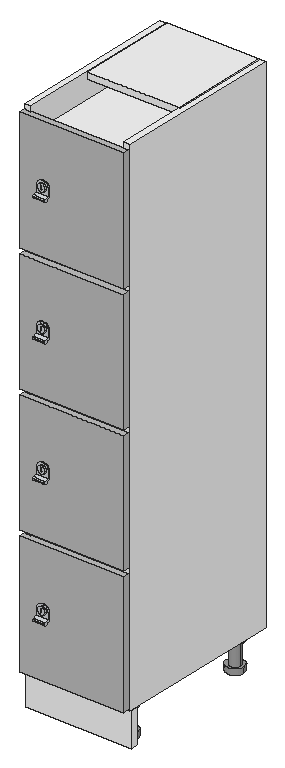
Revit family "1540H Locker Postal Slot Door", category Casework, Revit 2016
Family settings
  OmniClass Number = 23.40.35.00
  OmniClass Title = Casework
  Work Plane-Based = No
  Always vertical = Yes
  Cut with Voids When Loaded = No
  Shared = No
  Room Calculation Point = No
Parameters (values of type "LW315P4ABNP")
  WarrantyGuarantorParts = "www.bisley.com"  # constant formula
  WarrantyGuarantorLabour = "www.bisley.com"  # constant formula
  WarrantyDurationUnit = "Years"  # constant formula
  WarrantyDurationParts = "5"  # constant formula
  WarrantyDurationLabour = "5"  # constant formula
  WarrantyDescription = "5 Years Parts & Labour"  # constant formula
  Uniclass2015Version = "3.1"  # constant formula
  Uniclass2015Title = "Lockers"  # constant formula
  Uniclass2015Code = "Pr_40_30_78_48"  # constant formula
  URL = "www.bisley.com"
  SustainabilityPerformance = "FSC Approved"  # constant formula
  SerialNumber = ""
  NominalWidth = Width  # 300 mm
  NominalLength = Depth  # 500 mm
  NominalHeight = Height  # 1540 mm
  Name = "1540H Postal Slot"  # constant formula
  NBSReference = "45-35-80/380"  # constant formula
  NBSDescription = "General fittings, furnishings and equipment system"  # constant formula
  ModelReference = "LW315P4ABNP"
  Model = "Lockerwall"  # constant formula
  Material = "MFC"  # constant formula
  ManufacturerURL = "www.bisley.com"  # constant formula
  Manufacturer = "Bisley"  # constant formula
  ManufactureName = "Bisley"  # constant formula
  M3 Lock = no
  Foot [instance] = Foot 100 : Foot 100
  Finish = "Matt"  # constant formula
  E4 Lock = no
  DurationUnit = "Years"  # constant formula
  Description = "Lockers"  # constant formula
  Depth = 500 mm
  Height = 1540 mm
  Width = 300 mm
  Carcass Material = "MFC"  # constant formula
  Author = "Bisley"  # constant formula
  AssetType = "Fixed"  # constant formula
  AB Lock = yes
Types (19, lengths in mm): name | NominalWidth | ModelReference | M3 Lock | E4 Lock | Width | AB Lock
  (no name) | 300 | "LW315P4ABNP" | no | no | 300 | yes
  LW315P4ABNP | 300 | "LW315P4ABNP" | no | no | 300 | yes
  LW315P4M3NP | 300 | "LW315P4M3NP" | yes | no | 300 | no
  LW315P4E4NP | 300 | "LW315P4E4NP" | no | yes | 300 | no
  LW315P4ABUK | 300 | "LW315P4ABUK" | no | no | 300 | yes
  LW315P4E4UK | 300 | "LW315P4E4UK" | no | yes | 300 | no
  LW315P4M3UK | 300 | "LW315P4M3UK" | yes | no | 300 | no
  LW415P4ABNP | 400 | "LW415P4ABNP" | no | no | 400 | yes
  LW415P4ABUK | 400 | "LW415P4ABUK" | no | no | 400 | yes
  LW415P4E4NP | 400 | "LW415P4E4NP" | no | yes | 400 | no
  LW415P4E4UK | 400 | "LW415P4E4UK" | no | yes | 400 | no
  LW415P4M3NP | 400 | "LW415P4M3NP" | yes | no | 400 | no
  LW415P4M3UK | 400 | "LW415P4M3UK" | yes | no | 400 | no
  LW515P4ABNP | 500 | "LW515P4ABNP" | no | no | 500 | yes
  LW515P4ABUK | 500 | "LW515P4ABUK" | no | no | 500 | yes
  LW515P4E4NP | 500 | "LW515P4E4NP" | no | yes | 500 | no
  LW515P4E4UK | 500 | "LW515P4E4UK" | no | yes | 500 | no
  LW515P4M3NP | 500 | "LW515P4M3NP" | yes | no | 500 | no
  LW515P4M3UK | 500 | "LW515P4M3UK" | yes | no | 500 | no
Reference planes
  plane 1 "Back": y = 0
  plane 2: z = 0
  plane 3 "Center (Left/Right)": x = 44.7
  plane 4 "Front": y = -500
  plane 5 "Left": x = -105.3
  plane 6 "Right": x = 194.7
  plane 7 "Top": z = 1540
  plane 8 "Base": z = 98
  plane 9 "Base Left": x = -87.3
  plane 10 "Base Right": x = 176.7
  plane 11: y = -482
  plane 12: y = -10.5
  plane 13: y = -29.5
  plane 14 "Back Base": z = 110.5
  plane 15: z = 1527.5
  plane 16: z = 95
  plane 17 "Plinth": y = -477
  plane 18: y = -459
  plane 19: z = 101
  plane 20: z = 446
  plane 21: z = 461
  plane 22: z = 806
  plane 23: z = 821
  plane 24: z = 1166
  plane 25: x = -103.3
  plane 26: x = 192.7
  plane 27 "Shelf 2": z = 819
  plane 28 "Shelf 1": z = 459
  plane 29 "Shelf 3": z = 390
  plane 30 "Shelf 4": z = 750
  plane 31 "Shelf 5": z = 1110
  plane 32: y = -282.007
  plane 33 "Shelf 6": z = 1179
  plane 34 "Shelf 7": z = 1470
  plane 35: z = 1526
  plane 36: z = 1181
Forms (mm)
  Extrusion 1, solid, not visible
    sketch origin (-1691.73, 346.204, -12) x (1, 0, 0) y (0, 0, 1)
      loop
        line (48, 12) -> (56, 12) -> (56, 20) -> (48, 20) -> (48, 12)
    from 0 to 26
  Extrusion 2, solid, not visible
    sketch origin (-1683.73, 346.204, -12) x (-1, 0, 0) y (0, 0, -1)
      loop
        line (48, -12) -> (48, -20) -> (56, -20) -> (56, -12) -> (48, -12)
    from 0 to 26
  Extrusion 3, solid, not visible
    sketch origin (-1687.73, 350.204, -3.997) x (0, 1, 0) y (0, 0, 1)
      loop
        line (-26, 3.997) -> (-26, 11.997) -> (-34, 11.997) -> (-34, 3.997) -> (-26, 3.997)
    from -52 to 52
  Extrusion 4, solid, material "MFC 1"
    sketch origin (0, 0, 0) x (1, 0, 0) y (0, 1, 0)
      loop
        line (-105.3, -482) -> (-87.3, -482) -> (-87.3, 0) -> (-105.3, 0) -> (-105.3, -482)
    from 98 to 1540
  Extrusion 5, solid, material "MFC 1"
    sketch origin (0, 0, 98) x (-1, 0, 0) y (0, -1, 0)
      loop
        line (-176.7, 482) -> (-194.7, 482) -> (-194.7, 0) -> (-176.7, 0) -> (-176.7, 482)
    from 0 to 1442
  Extrusion 6, solid, material "MFC 1"
    sketch origin (0, 0, 98) x (-1, 0, 0) y (0, -1, 0)
      loop
        line (87.3, 482) -> (-176.7, 482) -> (-176.7, 0) -> (87.3, 0) -> (87.3, 482)
    from 0 to 18
  Extrusion 7, void
    sketch origin (176.7, 0, 0) x (0, 1, 0) y (0, 0, 1)
      loop
        line (-29.5, 110.5) -> (-10.5, 110.5) -> (-10.5, 116) -> (-29.5, 116) -> (-29.5, 110.5)
    from 0 to -264
  Extrusion 8, solid, material "MFC 1"
    sketch origin (0, 0, 1540) x (0, -1, 0) y (1, 0, 0)
      loop
        line (282.007, -87.3) -> (282.007, 176.7) -> (0, 176.7) -> (0, -87.3) -> (282.007, -87.3)
    from 0 to -18
  Extrusion 9, void
    sketch origin (176.7, 0, 0) x (0, 1, 0) y (0, 0, 1)
      loop
        line (-29.5, 1524.5) -> (-10.5, 1524.5) -> (-10.5, 1527.5) -> (-29.5, 1527.5) -> (-29.5, 1524.5)
    from 0 to -264
  Extrusion 10, solid, material "MFC 1"
    sketch origin (0, 0, 110.5) x (0, -1, 0) y (1, 0, 0)
      loop
        line (29.5, -87.3) -> (29.5, 176.7) -> (10.5, 176.7) -> (10.5, -87.3) -> (29.5, -87.3)
    from 0 to 1417
  Extrusion 11, solid, material "MFC 1"
    sketch origin (0, 0, 0) x (1, 0, 0) y (0, 1, 0)
      loop
        line (-105.3, -477) -> (194.7, -477) -> (194.7, -459) -> (-105.3, -459) -> (-105.3, -477)
    from 0 to 95
  Extrusion 12, solid, material "MFC 2"
    sketch origin (0, -500, 0) x (1, 0, 0) y (0, 0, 1)
      loop
        line (-103.3, 821) -> (192.7, 821) -> (192.7, 1166) -> (-103.3, 1166) -> (-103.3, 821)
    from 0 to -18
  Extrusion 13, solid, material "MFC 2"
    sketch origin (0, -500, 0) x (1, 0, 0) y (0, 0, 1)
      loop
        line (-103.3, 461) -> (192.7, 461) -> (192.7, 806) -> (-103.3, 806) -> (-103.3, 461)
    from 0 to -18
  Extrusion 14, solid, material "MFC 2"
    sketch origin (0, -500, 0) x (1, 0, 0) y (0, 0, 1)
      loop
        line (-103.3, 101) -> (192.7, 101) -> (192.7, 446) -> (-103.3, 446) -> (-103.3, 101)
    from 0 to -18
  Extrusion 15, solid, material "MFC 1"
    sketch origin (0, 0, 450) x (-1, 0, 0) y (0, -1, 0)
      loop
        line (87.3, 482) -> (-176.7, 482) -> (-176.7, 29.5) -> (87.3, 29.5) -> (87.3, 482)
    from 9 to 27
  Extrusion 16, solid, material "MFC 1"
    sketch origin (0, 0, 819) x (-1, 0, 0) y (0, -1, 0)
      loop
        line (87.3, 482) -> (-176.7, 482) -> (-176.7, 29.5) -> (87.3, 29.5) -> (87.3, 482)
    from 0 to 18
  Extrusion 17, solid, material "MFC 1"
    sketch origin (0, 0, 390) x (-1, 0, 0) y (0, -1, 0)
      loop
        line (87.3, 482) -> (-176.7, 482) -> (-176.7, 29.5) -> (87.3, 29.5) -> (87.3, 482)
    from 0 to -18
  Extrusion 18, solid, material "MFC 1"
    sketch origin (0, 0, 750) x (-1, 0, 0) y (0, -1, 0)
      loop
        line (87.3, 482) -> (-176.7, 482) -> (-176.7, 29.5) -> (87.3, 29.5) -> (87.3, 482)
    from 0 to -18
  Extrusion 19, solid, material "MFC 1"
    sketch origin (0, 0, 1110) x (-1, 0, 0) y (0, -1, 0)
      loop
        line (87.3, 482) -> (-176.7, 482) -> (-176.7, 29.5) -> (87.3, 29.5) -> (87.3, 482)
    from 0 to -18
  Extrusion 20, solid, material "MFC 1"
    sketch origin (0, 0, 1179) x (-1, 0, 0) y (0, -1, 0)
      loop
        line (87.3, 482) -> (-176.7, 482) -> (-176.7, 29.5) -> (87.3, 29.5) -> (87.3, 482)
    from 0 to 18
  Extrusion 21, solid, material "MFC 1"
    sketch origin (0, 0, 1472) x (-1, 0, 0) y (0, -1, 0)
      loop
        line (87.3, 482) -> (-176.7, 482) -> (-176.7, 29.5) -> (87.3, 29.5) -> (87.3, 482)
    from -2 to -20
  Extrusion 22, solid, material "MFC 2"
    sketch origin (0, -500, 0) x (1, 0, 0) y (0, 0, 1)
      loop
        line (-103.3, 1181) -> (192.7, 1181) -> (192.7, 1526) -> (-103.3, 1526) -> (-103.3, 1181)
    from 0 to -18
Cuts and joins
  Extrusion 7, Extrusion 9 cuts Extrusion 5
  Extrusion 7 cuts Extrusion 6
  Extrusion 9 cuts Extrusion 4
  Extrusion 9 cuts Extrusion 8
Dimensions and locks
  "Width": plane 6 "Right" to plane 5 "Left"
  equal spacing: plane 6 "Right", plane 3 "Center (Left/Right)", plane 5 "Left"
  "Depth": plane 4 "Front" to plane 1 "Back"
  "Height": level to plane 7 "Top"
  locked: plane 5 "Left" to plane 9 "Base Left" at 18
  locked: plane 10 "Base Right" to plane 6 "Right" at 18
  locked: plane 7 "Top" to plane 15 at 12.5
  Extrusion 10 to plane 1 "Back" = 10.5 mm
  locked: nested 1 to plane 6 "Right" at 68
  locked: nested 2 to plane 6 "Right" at 68
  locked: plane 1 "Back" to nested 3 at 79.5
  locked: plane 11 to plane 4 "Front" at 18
  locked: plane 17 "Plinth" to plane 4 "Front" at 23
  locked: plane 18 to plane 4 "Front" at 41
  locked: nested 1 to plane 4 "Front" at 91
  locked: plane 5 "Left" to nested 4 at 68
  locked: plane 5 "Left" to nested 3 at 68
  locked: plane 4 "Front" to nested 4 at 91
  locked: plane 6 "Right" to plane 26 at 2
  locked: plane 25 to plane 5 "Left" at 2
  locked: plane 5 "Left" to nested 7 at 51
  locked: plane 5 "Left" to nested 6 at 51
  locked: plane 5 "Left" to nested 5 at 51
  locked: plane 5 "Left" to nested 10 at 40.5
  locked: plane 5 "Left" to nested 9 at 40.5
  locked: plane 5 "Left" to nested 8 at 40.5
  locked: plane 5 "Left" to nested 13 at 54.3
  locked: plane 5 "Left" to nested 12 at 54.3
  locked: plane 5 "Left" to nested 11 at 54.3
  locked: plane 5 "Left" to nested 15 at 40.5
  locked: plane 5 "Left" to nested 14 at 51
  locked: plane 5 "Left" to nested 16 at 54.3
  aligned and locked: level to plane 2
  aligned and locked: Extrusion 4 sketch curve to plane 11
  aligned and locked: Extrusion 4 sketch curve to plane 5 "Left"
  aligned and locked: Extrusion 4 sketch curve to plane 1 "Back"
  aligned and locked: plane 9 "Base Left" to Extrusion 4 sketch curve
  aligned and locked: Extrusion 4 to plane 8 "Base"
  aligned and locked: Extrusion 4 to plane 7 "Top"
  aligned and locked: Extrusion 5 sketch curve to plane 11
  aligned and locked: Extrusion 5 sketch curve to plane 10 "Base Right"
  aligned and locked: Extrusion 5 sketch curve to plane 1 "Back"
  aligned and locked: plane 6 "Right" to Extrusion 5 sketch curve
  aligned and locked: Extrusion 5 to plane 7 "Top"
  aligned and locked: Extrusion 5 to plane 8 "Base"
  aligned and locked: Extrusion 4 to Extrusion 6 sketch curve
  aligned and locked: Extrusion 6 sketch curve to Extrusion 4
  aligned and locked: Extrusion 5 to Extrusion 6 sketch curve
  aligned and locked: Extrusion 6 sketch curve to Extrusion 5
  aligned and locked: plane 6 "Right" to Extrusion 5
  aligned and locked: Extrusion 7 to plane 9 "Base Left"
  aligned and locked: plane 10 "Base Right" to Extrusion 7
  aligned and locked: Extrusion 8 sketch curve to Extrusion 4
  aligned and locked: Extrusion 8 sketch curve to cut or joined group of Extrusion 6, Extrusion 7
  aligned and locked: cut or joined group of Extrusion 5, Extrusion 7, Extrusion 9 to Extrusion 8 sketch curve
  aligned and locked: plane 15 to Extrusion 9 sketch curve
  aligned and locked: Extrusion 10 sketch curve to cut or joined group of Extrusion 6, Extrusion 7  (x2)
  aligned and locked: cut or joined group of Extrusion 6, Extrusion 7 to Extrusion 10 sketch curve  (x2)
  aligned and locked: Extrusion 10 to plane 14 "Back Base"
  aligned and locked: plane 15 to Extrusion 10
  aligned and locked: Extrusion 9 to plane 9 "Base Left"
  aligned and locked: Extrusion 11 sketch curve to plane 17 "Plinth"
  aligned and locked: Extrusion 11 sketch curve to plane 5 "Left"
  aligned and locked: plane 18 to Extrusion 11 sketch curve
  aligned and locked: plane 6 "Right" to Extrusion 11 sketch curve
  aligned and locked: Extrusion 11 to plane 5 "Left"
  aligned and locked: plane 6 "Right" to Extrusion 11
  aligned and locked: Extrusion 5 to plane 11
  aligned and locked: Extrusion 4 to plane 11
  aligned and locked: Extrusion 12 to plane 25
  aligned and locked: plane 26 to Extrusion 12
  aligned and locked: Extrusion 12 to plane 23
  aligned and locked: plane 24 to Extrusion 12
  aligned and locked: Extrusion 13 sketch curve to plane 21
  aligned and locked: Extrusion 13 sketch curve to plane 25
  aligned and locked: plane 22 to Extrusion 13 sketch curve
  aligned and locked: plane 26 to Extrusion 13 sketch curve
  aligned and locked: Extrusion 14 sketch curve to plane 19
  aligned and locked: Extrusion 14 sketch curve to plane 25
  aligned and locked: plane 20 to Extrusion 14 sketch curve
  aligned and locked: plane 26 to Extrusion 14 sketch curve
  aligned and locked: Extrusion 15 sketch curve to cut or joined group of Extrusion 6, Extrusion 7  (x2)
  aligned and locked: cut or joined group of Extrusion 6, Extrusion 7 to Extrusion 15 sketch curve
  aligned and locked: nested 2 to Extrusion 15 sketch curve
  aligned and locked: Extrusion 16 sketch curve to cut or joined group of Extrusion 6, Extrusion 7  (x2)
  aligned and locked: cut or joined group of Extrusion 6, Extrusion 7 to Extrusion 16 sketch curve
  aligned and locked: nested 2 to Extrusion 16 sketch curve
  aligned and locked: Extrusion 16 to plane 9 "Base Left"
  aligned and locked: plane 10 "Base Right" to Extrusion 16
  aligned and locked: Extrusion 16 to plane 27 "Shelf 2"
  aligned and locked: Extrusion 15 to plane 28 "Shelf 1"
  aligned and locked: Extrusion 17 sketch curve to cut or joined group of Extrusion 6, Extrusion 7  (x2)
  aligned and locked: cut or joined group of Extrusion 6, Extrusion 7 to Extrusion 17 sketch curve
  aligned and locked: nested 2 to Extrusion 17 sketch curve
  aligned and locked: Extrusion 18 sketch curve to cut or joined group of Extrusion 6, Extrusion 7  (x2)
  aligned and locked: cut or joined group of Extrusion 6, Extrusion 7 to Extrusion 18 sketch curve
  aligned and locked: nested 2 to Extrusion 18 sketch curve
  aligned and locked: Extrusion 19 sketch curve to cut or joined group of Extrusion 6, Extrusion 7  (x2)
  aligned and locked: cut or joined group of Extrusion 6, Extrusion 7 to Extrusion 19 sketch curve
  aligned and locked: nested 2 to Extrusion 19 sketch curve
  aligned and locked: Extrusion 8 to plane 32
  aligned and locked: Extrusion 8 to plane 9 "Base Left"
  aligned and locked: plane 10 "Base Right" to Extrusion 8
  aligned and locked: Extrusion 8 to plane 1 "Back"
  aligned and locked: Extrusion 8 to plane 7 "Top"
  aligned and locked: Extrusion 20 sketch curve to cut or joined group of Extrusion 6, Extrusion 7  (x2)
  aligned and locked: cut or joined group of Extrusion 6, Extrusion 7 to Extrusion 20 sketch curve
  aligned and locked: nested 2 to Extrusion 20 sketch curve
  aligned and locked: Extrusion 20 to plane 33 "Shelf 6"
  aligned and locked: Extrusion 21 sketch curve to cut or joined group of Extrusion 6, Extrusion 7  (x2)
  aligned and locked: cut or joined group of Extrusion 6, Extrusion 7 to Extrusion 21 sketch curve
  aligned and locked: nested 2 to Extrusion 21 sketch curve
  aligned and locked: plane 34 "Shelf 7" to Extrusion 21
  aligned and locked: Extrusion 22 sketch curve to plane 36
  aligned and locked: plane 35 to Extrusion 22 sketch curve
  aligned and locked: plane 26 to Extrusion 22 sketch curve
  aligned and locked: Extrusion 22 to plane 25
  aligned and locked: plane 31 "Shelf 5" to Extrusion 19
Automatic sketch dimensions
  Extrusion 1 sketch curve to Extrusion 1 sketch curve = 8 mm  (x2)
  Extrusion 2 sketch curve to Extrusion 2 sketch curve = 8 mm  (x2)
  Extrusion 3 sketch curve to Extrusion 3 sketch curve = 8 mm  (x2)
  Extrusion 7 sketch curve to plane 13 = 0 mm
  Extrusion 7 sketch curve to plane 12 = 0 mm
  Extrusion 7 sketch curve to plane 14 "Back Base" = 0 mm
  Extrusion 7 sketch curve to Extrusion 7 sketch curve = 5.5 mm
  Extrusion 9 sketch curve to plane 13 = 0 mm
  Extrusion 9 sketch curve to plane 12 = 0 mm
  Extrusion 9 sketch curve to Extrusion 9 sketch curve = 3 mm
  plane 24 to Extrusion 12 sketch curve = 0 mm
  Extrusion 12 sketch curve to plane 25 = 0 mm
  plane 26 to Extrusion 12 sketch curve = 0 mm
  Extrusion 12 sketch curve to plane 23 = 0 mm
  plane 11 to Extrusion 8 sketch curve = 199.993 mm
  Extrusion 22 sketch curve to plane 25 = 0 mm
Nested families
  nested 1: "Foot 100" at (196.401, -409, 0) x (-1, 0, 0) z (0, 0, 1), type "Foot 100"
  nested 2: "Foot 100" at (196.401, -29.5, 0) x (-1, 0, 0) z (0, 0, 1), type "Foot 100"
  nested 3: "Foot 100" at (-107, -29.5, 0), type "Foot 100"
  nested 4: "Foot 100" at (-107, -409, 0), type "Foot 100"
  nested 5: "AB Lock" at (-82, -500, 253), visible <- "AB Lock", type "AB Lock"
  nested 6: "AB Lock" at (-82, -500, 613), visible <- "AB Lock", type "AB Lock"
  nested 7: "AB Lock" at (-82, -500, 971.5), visible <- "AB Lock", type "AB Lock"
  nested 8: "M3 Lock" at (-93, -500, 256), visible <- "M3 Lock", type "M3 Lock"
  nested 9: "M3 Lock" at (-93, -500, 616), visible <- "M3 Lock", type "M3 Lock"
  nested 10: "M3 Lock" at (-93, -500, 976), visible <- "M3 Lock", type "M3 Lock"
  nested 11: "E4 Lock" at (-83, -500, 265), visible <- "E4 Lock", type "E4 Lock"
  nested 12: "E4 Lock" at (-83, -500, 625), visible <- "E4 Lock", type "E4 Lock"
  nested 13: "E4 Lock" at (-83, -500, 983.5), visible <- "E4 Lock", type "E4 Lock"
  nested 14: "AB Lock" at (-82, -500, 1331.5), visible <- "AB Lock", type "AB Lock"
  nested 15: "M3 Lock" at (-93, -500, 1336), visible <- "M3 Lock", type "M3 Lock"
  nested 16: "E4 Lock" at (-83, -500, 1343.5), visible <- "E4 Lock", type "E4 Lock"
Definition of nested family "Foot 100"
  Parameters (values of type "Foot 100")
    WarrantyGuarantorParts = "www.bisley.com"  # constant formula
    WarrantyGuarantorLabour = "www.bisley.com"  # constant formula
    WarrantyDurationUnit = "Years"  # constant formula
    WarrantyDurationParts = "5"  # constant formula
    WarrantyDurationLabour = "5"  # constant formula
    WarrantyDescription = "5 Years Parts & Labour"  # constant formula
    Uniclass2015Version = ""
    Uniclass2015Title = ""
    Uniclass2015Code = ""
    URL = "www.bisley.com"
    SustainabilityPerformance = "FSC Approved"  # constant formula
    SerialNumber = ""
    NominalWidth = Width  # 50 mm
    NominalLength = Depth  # 50 mm
    NominalHeight = Height  # 900 mm
    Name = ""
    NBSReference = ""
    NBSDescription = "General fittings, furnishings and equipment system"  # constant formula
    ModelReference = ""
    Model = "Abode"  # constant formula
    Material = "MFC"  # constant formula
    ManufacturerURL = "www.bisley.com"  # constant formula
    Manufacturer = "Bisley"  # constant formula
    ManufactureName = "Bisley"  # constant formula
    Finish = "Matt"  # constant formula
    ExpectedLife = "25"  # constant formula
    DurationUnit = "Years"  # constant formula
    Depth = 50 mm
    Height = 900 mm
    Width = 50 mm
    Carcass Material = "MFC"  # constant formula
    Author = "Bisley"  # constant formula
    AssetType = "Fixed"  # constant formula
  Reference planes
    plane 1 "Back": y = 0
    plane 2: z = 0
    plane 3 "Center (Left/Right)": x = 44.7
    plane 4 "Front": y = -50
    plane 5 "Left": x = 19.7
    plane 6 "Right": x = 69.7
    plane 7 "Top": z = 900
    plane 8: y = -25
    plane 9 "Foot top": z = 98
    plane 10: y = 0
    plane 11: y = -50
    plane 12: x = 19.7
    plane 13: x = 69.7
    plane 14: x = 24.7
    plane 15: y = -5
  Forms (mm)
    Extrusion 1, solid, not visible
      sketch origin (-1691.73, 346.204, -12) x (1, 0, 0) y (0, 0, 1)
        loop
          line (48, 12) -> (56, 12) -> (56, 20) -> (48, 20) -> (48, 12)
      from 0 to 26
    Extrusion 2, solid, not visible
      sketch origin (-1683.73, 346.204, -12) x (-1, 0, 0) y (0, 0, -1)
        loop
          line (48, -12) -> (48, -20) -> (56, -20) -> (56, -12) -> (48, -12)
      from 0 to 26
    Extrusion 3, solid, not visible
      sketch origin (-1687.73, 350.204, -3.997) x (0, 1, 0) y (0, 0, 1)
        loop
          line (-26, 3.997) -> (-26, 11.997) -> (-34, 11.997) -> (-34, 3.997) -> (-26, 3.997)
      from -52 to 52
    Extrusion 4, solid
      sketch origin (0, 275, 0) x (1, 0, 0) y (0, 1, 0)
        loop
          circle (44.7, -300) r 25
      from 0 to 15
    Extrusion 5, solid
      sketch origin (0, 275, 0) x (1, 0, 0) y (0, 1, 0)
        loop
          circle (44.7, -300) r 15
      from 15 to 78
    Extrusion 6, solid
      sketch origin (0, 275, 0) x (1, 0, 0) y (0, 1, 0)
        loop
          circle (44.7, -300) r 25
      from 78 to 98
    Extrusion 7, solid
      sketch origin (0, 275, 98) x (-1, 0, 0) y (0, -1, 0)
        loop
          line (-19.7, 325) -> (-69.7, 325) -> (-69.7, 275) -> (-19.7, 275) -> (-19.7, 325)
      from 0 to -10
    Extrusion 8, void
      sketch origin (0, 275, 98) x (-1, 0, 0) y (0, -1, 0)
        loop
          circle (-24.7, 280) r 2.5
      from 0 to -10
    Extrusion 9, void
      sketch origin (89.401, 275, 98) x (1, 0, 0) y (0, 1, 0)
        loop
          circle (-24.7, -280) r 2.5
      from 0 to -10
    Extrusion 10, void
      sketch origin (0, -325, 98) x (-1, 0, 0) y (0, -1, 0)
        loop
          circle (-24.7, -280) r 2.5
      from 0 to -10
    Extrusion 11, void
      sketch origin (89.401, -325, 98) x (1, 0, 0) y (0, 1, 0)
        loop
          circle (-24.7, 280) r 2.5
      from 0 to -10
  Cuts and joins
    Extrusion 8, Extrusion 9, Extrusion 10, Extrusion 11 cuts Extrusion 4
    Extrusion 8, Extrusion 9, Extrusion 10, Extrusion 11 cuts Extrusion 5
    Extrusion 8, Extrusion 9, Extrusion 10, Extrusion 11 cuts Extrusion 6
    Extrusion 8, Extrusion 9, Extrusion 10, Extrusion 11 cuts Extrusion 7
    joined: Extrusion 4, Extrusion 5, Extrusion 6, Extrusion 7
  Dimensions and locks
    "Width": plane 6 "Right" to plane 5 "Left"
    equal spacing: plane 6 "Right", plane 3 "Center (Left/Right)", plane 5 "Left"
    "Depth": plane 4 "Front" to plane 1 "Back"
    "Height": level to plane 7 "Top"
    aligned and locked: level to plane 2
    aligned and locked: Extrusion 5 to Extrusion 4
    aligned and locked: Extrusion 4 to level
    aligned and locked: Extrusion 6 to Extrusion 5
    aligned and locked: plane 9 "Foot top" to Extrusion 6
  Automatic sketch dimensions
    Extrusion 1 sketch curve to Extrusion 1 sketch curve = 8 mm  (x2)
    Extrusion 2 sketch curve to Extrusion 2 sketch curve = 8 mm  (x2)
    Extrusion 3 sketch curve to Extrusion 3 sketch curve = 8 mm  (x2)
    Extrusion 4 sketch curve to plane 3 "Center (Left/Right)" = 0 mm
    plane 8 to Extrusion 4 sketch curve = 0 mm
    Extrusion 5 sketch curve to plane 3 "Center (Left/Right)" = 0 mm
    plane 8 to Extrusion 5 sketch curve = 0 mm
    Extrusion 6 sketch curve to plane 3 "Center (Left/Right)" = 0 mm
    plane 8 to Extrusion 6 sketch curve = 0 mm
    Extrusion 7 sketch curve to plane 11 = 0 mm
    Extrusion 7 sketch curve to plane 13 = 0 mm
    plane 10 to Extrusion 7 sketch curve = 0 mm
    Extrusion 7 sketch curve to plane 12 = 0 mm
    Extrusion 8 sketch curve to plane 14 = 0 mm
    Extrusion 8 sketch curve to plane 15 = 0 mm
    plane 15 to Extrusion 9 sketch curve = 0 mm
    plane 13 to Extrusion 9 sketch curve = 5 mm
    Extrusion 10 sketch curve to plane 14 = 0 mm
    Extrusion 10 sketch curve to plane 11 = 5 mm
    Extrusion 11 sketch curve to plane 13 = 5 mm
    plane 11 to Extrusion 11 sketch curve = 5 mm
    radius of Extrusion 4 sketch curve = 25 mm
    radius of Extrusion 5 sketch curve = 15 mm
    radius of Extrusion 6 sketch curve = 25 mm
    radius of Extrusion 8 sketch curve = 2.5 mm
    radius of Extrusion 9 sketch curve = 2.5 mm
    radius of Extrusion 10 sketch curve = 2.5 mm
    radius of Extrusion 11 sketch curve = 2.5 mm
Definition of nested family "AB Lock"
  Parameters (values of type "AB Lock")
    WarrantyGuarantorParts = "www.bisley.com"  # constant formula
    WarrantyGuarantorLabour = "www.bisley.com"  # constant formula
    WarrantyDurationUnit = "Years"  # constant formula
    WarrantyDurationParts = "5"  # constant formula
    WarrantyDurationLabour = "5"  # constant formula
    WarrantyDescription = "5 Years Parts & Labour"  # constant formula
    Uniclass2015Version = ""
    Uniclass2015Title = ""
    Uniclass2015Code = ""
    URL = "www.bisley.com"
    SustainabilityPerformance = "FSC Approved"  # constant formula
    SerialNumber = ""
    NominalWidth = Width  # 34 mm
    NominalLength = Depth  # 15 mm
    NominalHeight = Height  # 45 mm
    Name = ""
    NBSReference = ""
    NBSDescription = "General fittings, furnishings and equipment system"  # constant formula
    ModelReference = ""
    Model = "Abode"  # constant formula
    Material = "MFC"  # constant formula
    ManufacturerURL = "www.bisley.com"  # constant formula
    Manufacturer = "Bisley"  # constant formula
    ManufactureName = "Bisley"  # constant formula
    Finish = "Matt"  # constant formula
    ExpectedLife = "25"  # constant formula
    DurationUnit = "Years"  # constant formula
    Depth = 15 mm
    Height = 45 mm
    Width = 34 mm
    Carcass Material = "MFC"  # constant formula
    Author = "Bisley"  # constant formula
    AssetType = "Fixed"  # constant formula
  Reference planes
    plane 1 "Back": y = 0
    plane 2: z = 0
    plane 3 "Center (Left/Right)": x = 44.7
    plane 4 "Front": y = -15
    plane 5 "Left": x = 27.7
    plane 6 "Right": x = 61.7
    plane 7 "Top": z = 45
    plane 8: z = 28
    plane 9: z = 3
    plane 10: x = 31.2
    plane 11: x = 58.2
    plane 12: z = 6
    plane 13: y = -12
    plane 14: z = 10
    plane 15 "Lockback": y = -3
    plane 16: x = 43.2
    plane 17: x = 46.2
    plane 18: z = 32
    plane 19: z = 24
  Forms (mm)
    Extrusion 1, solid, not visible
      sketch origin (-1691.73, 346.204, -12) x (1, 0, 0) y (0, 0, 1)
        loop
          line (48, 12) -> (56, 12) -> (56, 20) -> (48, 20) -> (48, 12)
      from 0 to 26
    Extrusion 2, solid, not visible
      sketch origin (-1683.73, 346.204, -12) x (-1, 0, 0) y (0, 0, -1)
        loop
          line (48, -12) -> (48, -20) -> (56, -20) -> (56, -12) -> (48, -12)
      from 0 to 26
    Extrusion 3, solid, not visible
      sketch origin (-1687.73, 350.204, -3.997) x (0, 1, 0) y (0, 0, 1)
        loop
          line (-26, 3.997) -> (-26, 11.997) -> (-34, 11.997) -> (-34, 3.997) -> (-26, 3.997)
      from -52 to 52
    Extrusion 4, solid
      sketch origin (0, 0, 0) x (1, 0, 0) y (0, 0, 1)
        loop
          line (27.7, 28) -> (27.7, 6) -> (61.7, 6) -> (61.7, 28)
          arc (61.7, 28) -> (44.7, 45) -> (27.7, 28) r 17
      from 0 to 3
    Extrusion 5, solid
      sketch origin (27.7, 0, 0) x (0, 1, 0) y (0, 0, 1)
        loop
          circle (-12, 3) r 3
      from 0 to 34
    Extrusion 6, solid
      sketch origin (27.7, 0, 0) x (0, 1, 0) y (0, 0, 1)
        loop
          line (0, 6) -> (-3, 10)
          arc (-3, 10) -> (-7.815, 8.71) -> (-12, 6) r 16
          arc (-12, 6) -> (-9.879, 5.121) -> (-9, 3) r 3
          arc (-9, 3) -> (-4.809, 5.427) -> (0, 6) r 12
      from 0 to 34
    Extrusion 7, void
      sketch origin (27.7, 0, 0) x (0, 1, 0) y (0, 0, 1)
        loop
          line (-3, 10) -> (-3, 6) -> (0, 6) -> (-3, 10)
      from 0 to 34
    Extrusion 8, solid
      sketch origin (0, -3, 0) x (-1, 0, 0) y (0, 0, 1)
        loop
          circle (-44.7, 28) r 10.5
      from 0 to -3
    Extrusion 9, void
      sketch origin (0, -3, 0) x (-1, 0, 0) y (0, 0, 1)
        loop
          line (-43.2, 24) -> (-43.2, 32) -> (-46.2, 32) -> (-46.2, 24) -> (-43.2, 24)
      from 0 to -3
  Cuts and joins
    Extrusion 7, Extrusion 9 cuts Extrusion 4
    Extrusion 9 cuts Extrusion 5
    Extrusion 9 cuts Extrusion 6
    joined: Extrusion 4, Extrusion 5, Extrusion 6
    Extrusion 9 cuts Extrusion 8
  Lines and regions (mm)
    reference lines
      curve 1: arc (27.7, 0, 6) -> (27.7, -4.809, 5.427) -> (27.7, -9, 3) r 12
      curve 2: arc (27.7, -3, 10) -> (27.7, -7.815, 8.71) -> (27.7, -12, 6) r 16
  Dimensions and locks
    "Width": plane 6 "Right" to plane 5 "Left"
    equal spacing: plane 6 "Right", plane 3 "Center (Left/Right)", plane 5 "Left"
    "Depth": plane 4 "Front" to plane 1 "Back"
    "Height": level to plane 7 "Top"
    aligned and locked: level to plane 2
  Automatic sketch dimensions
    Extrusion 1 sketch curve to Extrusion 1 sketch curve = 8 mm  (x2)
    Extrusion 2 sketch curve to Extrusion 2 sketch curve = 8 mm  (x2)
    Extrusion 3 sketch curve to Extrusion 3 sketch curve = 8 mm  (x2)
    Extrusion 4 sketch curve to plane 5 "Left" = 0 mm
    Extrusion 4 sketch curve to plane 6 "Right" = 0 mm
    Extrusion 4 sketch curve to plane 12 = 0 mm
    Extrusion 4 sketch curve to plane 8 = 0 mm
    Extrusion 5 sketch curve to plane 9 = 0 mm
    Extrusion 5 sketch curve to plane 13 = 0 mm
    curve 2 to plane 12 = 0 mm
    curve 2 to plane 13 = 0 mm
    curve 1 to plane 9 = 0 mm
    plane 14 to curve 2 = 0 mm
    curve 1 to plane 1 "Back" = 0 mm
    curve 1 to plane 12 = 0 mm
    plane 1 "Back" to curve 2 = 1.317 mm
    curve 2 to curve 1 = 0.303 mm
    curve 2 to level = 5.911 mm
    curve 1 to curve 2 = 0.046 mm
    Extrusion 6 sketch curve to plane 12 = 0 mm  (x2)
    Extrusion 6 sketch curve to plane 13 = 0 mm
    Extrusion 6 sketch curve to plane 9 = 0 mm
    plane 14 to Extrusion 6 sketch curve = 0 mm
    Extrusion 6 sketch curve to plane 1 "Back" = 0 mm
    plane 1 "Back" to Extrusion 6 sketch curve = 3 mm
    plane 1 "Back" to Extrusion 6 sketch curve = 1.317 mm
    Extrusion 6 sketch curve to Extrusion 6 sketch curve = 0.303 mm
    Extrusion 7 sketch curve to plane 12 = 0 mm
    plane 14 to Extrusion 7 sketch curve = 0 mm
    Extrusion 7 sketch curve to plane 1 "Back" = 0 mm
    plane 1 "Back" to Extrusion 7 sketch curve = 3 mm
    Extrusion 8 sketch curve to plane 3 "Center (Left/Right)" = 0 mm
    Extrusion 8 sketch curve to plane 8 = 0 mm
    Extrusion 9 sketch curve to plane 17 = 0 mm
    Extrusion 9 sketch curve to plane 16 = 0 mm
    Extrusion 9 sketch curve to plane 19 = 0 mm
    Extrusion 9 sketch curve to plane 18 = 0 mm
    radius of Extrusion 5 sketch curve = 3 mm
    radius of Extrusion 8 sketch curve = 10.5 mm
Definition of nested family "M3 Lock"
  Parameters (values of type "M3 Lock")
    WarrantyGuarantorParts = "www.bisley.com"  # constant formula
    WarrantyGuarantorLabour = "www.bisley.com"  # constant formula
    WarrantyDurationUnit = "Years"  # constant formula
    WarrantyDurationParts = "5"  # constant formula
    WarrantyDurationLabour = "5"  # constant formula
    WarrantyDescription = "5 Years Parts & Labour"  # constant formula
    Uniclass2015Version = ""
    Uniclass2015Title = ""
    Uniclass2015Code = ""
    URL = "www.bisley.com"
    SustainabilityPerformance = "FSC Approved"  # constant formula
    SerialNumber = ""
    NominalWidth = Width  # 33 mm
    NominalLength = Depth  # 21.5 mm
    NominalHeight = Height  # 83.5 mm
    Name = ""
    NBSReference = ""
    NBSDescription = "General fittings, furnishings and equipment system"  # constant formula
    ModelReference = ""
    Model = "Abode"  # constant formula
    Material = "MFC"  # constant formula
    ManufacturerURL = "www.bisley.com"  # constant formula
    Manufacturer = "Bisley"  # constant formula
    ManufactureName = "Bisley"  # constant formula
    Finish = "Matt"  # constant formula
    ExpectedLife = "25"  # constant formula
    DurationUnit = "Years"  # constant formula
    Depth = 21.5 mm
    Height = 83.5 mm
    Width = 33 mm
    Carcass Material = "MFC"  # constant formula
    Author = "Bisley"  # constant formula
    AssetType = "Fixed"  # constant formula
  Reference planes
    plane 1 "Back": y = 0
    plane 2: z = 0
    plane 3 "Center (Left/Right)": x = 44.7
    plane 4 "Front": y = -21.5
    plane 5 "Left": x = 28.2
    plane 6 "Right": x = 61.2
    plane 7 "Top": z = 83.5
    plane 8 "BackFront": y = -3.045
    plane 9: x = 32.2
    plane 10: z = 79.5
    plane 11: x = 57.2
    plane 12: z = 4
    plane 13: x = 32.2
    plane 14: x = 57.2
    plane 15 "Barrel Base": z = 30.5
    plane 16: x = 40.5
    plane 17: x = 48.9
    plane 18: y = -4.445
    plane 19: z = 74.5
    plane 20 "L4": z = 69.8
    plane 21: z = 64.9
    plane 22 "L3": z = 60.2
    plane 23: z = 55.3
    plane 24 "L2": z = 50.6
    plane 25: z = 45.7
    plane 26 "L1": z = 41
    plane 27: x = 38.2
    plane 28: x = 51.2
    plane 29: y = -4.945
    plane 30: z = 40.5
    plane 31 "l-1": z = 38.5
    plane 32: z = 16
    plane 33: y = -9.045
    plane 34 "Thumbturn": y = -19.5
    plane 35: x = 43.2
    plane 36: x = 46.2
    plane 37: z = 20
    plane 38: z = 12
  Forms (mm)
    Extrusion 1, solid, not visible
      sketch origin (-1691.73, 346.204, -12) x (1, 0, 0) y (0, 0, 1)
        loop
          line (48, 12) -> (56, 12) -> (56, 20) -> (48, 20) -> (48, 12)
      from 0 to 26
    Extrusion 2, solid, not visible
      sketch origin (-1683.73, 346.204, -12) x (-1, 0, 0) y (0, 0, -1)
        loop
          line (48, -12) -> (48, -20) -> (56, -20) -> (56, -12) -> (48, -12)
      from 0 to 26
    Extrusion 3, solid, not visible
      sketch origin (-1687.73, 350.204, -3.997) x (0, 1, 0) y (0, 0, 1)
        loop
          line (-26, 3.997) -> (-26, 11.997) -> (-34, 11.997) -> (-34, 3.997) -> (-26, 3.997)
      from -52 to 52
    Extrusion 4, solid
      sketch origin (0, 0, 0) x (1, 0, 0) y (0, 0, 1)
        loop
          line (28.2, 0) -> (61.2, 0) -> (61.2, 83.5) -> (28.2, 83.5) -> (28.2, 0)
      from 0 to 3
    Extrusion 5, void
      sketch origin (0, 0, 0) x (1, 0, 0) y (0, 0, 1)
        loop
          arc (28.2, 79.5) -> (29.372, 82.328) -> (32.2, 83.5) r 4
          line (32.2, 83.5) -> (28.2, 83.5) -> (28.2, 79.5)
      from 0 to 3
    Extrusion 6, void
      sketch origin (0, 0, 0) x (1, 0, 0) y (0, 0, 1)
        loop
          arc (57.2, 83.5) -> (60.029, 82.328) -> (61.2, 79.5) r 4
          line (61.2, 79.5) -> (61.2, 83.5) -> (57.2, 83.5)
      from 0 to 3
    Extrusion 7, void
      sketch origin (0, 0, 0) x (1, 0, 0) y (0, 0, 1)
        loop
          arc (32.2, 0) -> (29.372, 1.172) -> (28.2, 4) r 4
          line (28.2, 4) -> (28.2, 0) -> (32.2, 0)
      from 0 to 3
    Extrusion 8, void
      sketch origin (0, 0, 0) x (1, 0, 0) y (0, 0, 1)
        loop
          line (57.2, 0) -> (61.2, 0) -> (61.2, 4)
          arc (61.2, 4) -> (60.029, 1.172) -> (57.2, 0) r 4
      from 0 to 3
    Extrusion 9, solid
      sketch origin (0, 0, 30.5) x (-1, 0, 0) y (0, -1, 0)
        loop
          arc (-40.5, 3) -> (-44.7, 4.445) -> (-48.9, 3) r 6.827
          line (-48.9, 3) -> (-40.5, 3)
      from 0 to 49
    Extrusion 10, solid
      sketch origin (0, 0, 41) x (-1, 0, 0) y (0, -1, 0)
        loop
          arc (-38.2, 3) -> (-44.7, 4.945) -> (-51.2, 3) r 11.835
          line (-51.2, 3) -> (-38.2, 3)
      from 0 to 4.7
    Extrusion 11, solid
      sketch origin (0, 0, 50.6) x (-1, 0, 0) y (0, -1, 0)
        loop
          arc (-38.2, 3) -> (-44.7, 4.945) -> (-51.2, 3) r 11.835
          line (-51.2, 3) -> (-38.2, 3)
      from 0 to 4.7
    Extrusion 12, solid
      sketch origin (0, 0, 60.2) x (-1, 0, 0) y (0, -1, 0)
        loop
          arc (-38.2, 3) -> (-44.7, 4.945) -> (-51.2, 3) r 11.835
          line (-51.2, 3) -> (-38.2, 3)
      from 0 to 4.7
    Extrusion 13, solid
      sketch origin (0, 0, 69.8) x (-1, 0, 0) y (0, -1, 0)
        loop
          arc (-38.2, 3) -> (-44.7, 4.945) -> (-51.2, 3) r 11.835
          line (-51.2, 3) -> (-38.2, 3)
      from 0 to 4.7
    Extrusion 14, solid
      sketch origin (0, 0, 38.5) x (-1, 0, 0) y (0, -1, 0)
        loop
          arc (-38.2, 3) -> (-44.7, 4.945) -> (-51.2, 3) r 11.835
          line (-51.2, 3) -> (-38.2, 3)
      from 0 to 2
    Extrusion 15, solid
      sketch origin (0, -3.045, 0) x (-1, 0, 0) y (0, 0, 1)
        loop
          circle (-44.7, 16) r 14.25
      from 0 to -4
    Extrusion 16, solid
      sketch origin (0, -3.045, 0) x (-1, 0, 0) y (0, 0, 1)
        loop
          circle (-44.7, 16) r 12.7
      from 0 to -18.455
    Extrusion 17, void
      sketch origin (0, -21.5, 0) x (1, 0, 0) y (0, 0, 1)
        loop
          circle (44.7, 16) r 7.362
      from 0 to -1
    Extrusion 18, solid
      sketch origin (0, -21.5, 0) x (1, 0, 0) y (0, 0, 1)
        loop
          line (40.5, 29.617) -> (40.5, 27.985)
          arc (40.5, 27.985) -> (44.7, 28.7) -> (48.9, 27.985) r 12.7
          line (48.9, 27.985) -> (48.9, 29.617)
          arc (48.9, 29.617) -> (44.7, 30.25) -> (40.5, 29.617) r 14.25
      from 0 to -14.5
    Extrusion 19, solid
      sketch origin (0, -20.483, 0) x (1, 0, 0) y (0, 0, 1)
        loop
          circle (44.7, 16) r 13.48
      from 0 to -1.5
    Extrusion 20, void
      sketch origin (0, -21.5, 0) x (1, 0, 0) y (0, 0, 1)
        loop
          line (43.2, 12) -> (46.2, 12) -> (46.2, 20) -> (43.2, 20) -> (43.2, 12)
      from 0 to -10.5
  Cuts and joins
    Extrusion 5, Extrusion 6, Extrusion 7, Extrusion 8, Extrusion 17, Extrusion 20 cuts Extrusion 4
    Extrusion 17, Extrusion 20 cuts Extrusion 9
    Extrusion 17, Extrusion 20 cuts Extrusion 10
    Extrusion 17, Extrusion 20 cuts Extrusion 11
    Extrusion 17, Extrusion 20 cuts Extrusion 12
    Extrusion 17, Extrusion 20 cuts Extrusion 13
    Extrusion 17, Extrusion 20 cuts Extrusion 14
    Extrusion 17, Extrusion 20 cuts Extrusion 15
    Extrusion 17, Extrusion 20 cuts Extrusion 16
    Extrusion 20 cuts Extrusion 18
    Extrusion 20 cuts Extrusion 19
    joined: Extrusion 4, Extrusion 9, Extrusion 10, Extrusion 11, Extrusion 12, Extrusion 13, Extrusion 14, Extrusion 15, Extrusion 16, Extrusion 18, Extrusion 19
  Dimensions and locks
    "Width": plane 6 "Right" to plane 5 "Left"
    equal spacing: plane 6 "Right", plane 3 "Center (Left/Right)", plane 5 "Left"
    "Depth": plane 4 "Front" to plane 1 "Back"
    "Height": level to plane 7 "Top"
    aligned and locked: level to plane 2
    aligned and locked: plane 10 to Extrusion 9
    aligned and locked: Extrusion 9 to plane 15 "Barrel Base"
    aligned and locked: Extrusion 4 to plane 7 "Top"
    aligned and locked: plane 6 "Right" to Extrusion 4
    aligned and locked: Extrusion 4 to plane 5 "Left"
    aligned and locked: Extrusion 4 to level
  Automatic sketch dimensions
    Extrusion 1 sketch curve to Extrusion 1 sketch curve = 8 mm  (x2)
    Extrusion 2 sketch curve to Extrusion 2 sketch curve = 8 mm  (x2)
    Extrusion 3 sketch curve to Extrusion 3 sketch curve = 8 mm  (x2)
    Extrusion 4 sketch curve to plane 5 "Left" = 0 mm
    Extrusion 4 sketch curve to plane 6 "Right" = 0 mm
    Extrusion 4 sketch curve to level = 0 mm
    Extrusion 4 sketch curve to plane 7 "Top" = 0 mm
    Extrusion 5 sketch curve to plane 7 "Top" = 0 mm
    Extrusion 5 sketch curve to plane 9 = 0 mm
    Extrusion 5 sketch curve to plane 10 = 0 mm
    Extrusion 6 sketch curve to plane 7 "Top" = 0 mm  (x2)
    Extrusion 6 sketch curve to plane 11 = 0 mm
    Extrusion 6 sketch curve to plane 6 "Right" = 0 mm
    Extrusion 6 sketch curve to plane 10 = 0 mm
    Extrusion 7 sketch curve to level = 0 mm
    Extrusion 7 sketch curve to plane 5 "Left" = 0 mm
    plane 9 to Extrusion 7 sketch curve = 0 mm  (x2)
    Extrusion 7 sketch curve to plane 12 = 0 mm
    Extrusion 8 sketch curve to level = 0 mm
    plane 11 to Extrusion 8 sketch curve = 0 mm
    Extrusion 8 sketch curve to plane 12 = 0 mm
    Extrusion 9 sketch curve to plane 17 = 0 mm
    Extrusion 9 sketch curve to plane 16 = 0 mm
    Extrusion 9 sketch curve to plane 1 "Back" = 2.382 mm
    plane 8 "BackFront" to Extrusion 9 sketch curve = 0.045 mm
    Extrusion 10 sketch curve to plane 28 = 0 mm
    Extrusion 10 sketch curve to plane 27 = 0 mm
    Extrusion 10 sketch curve to plane 1 "Back" = 6.89 mm
    plane 8 "BackFront" to Extrusion 10 sketch curve = 0.045 mm
    Extrusion 11 sketch curve to plane 28 = 0 mm
    Extrusion 11 sketch curve to plane 27 = 0 mm
    Extrusion 11 sketch curve to plane 1 "Back" = 6.89 mm
    plane 8 "BackFront" to Extrusion 11 sketch curve = 0.045 mm
    Extrusion 12 sketch curve to plane 28 = 0 mm
    Extrusion 12 sketch curve to plane 27 = 0 mm
    Extrusion 12 sketch curve to plane 1 "Back" = 6.89 mm
    plane 8 "BackFront" to Extrusion 12 sketch curve = 0.045 mm
    Extrusion 13 sketch curve to plane 28 = 0 mm
    Extrusion 13 sketch curve to plane 27 = 0 mm
    Extrusion 13 sketch curve to plane 1 "Back" = 6.89 mm
    plane 8 "BackFront" to Extrusion 13 sketch curve = 0.045 mm
    Extrusion 14 sketch curve to plane 28 = 0 mm
    Extrusion 14 sketch curve to plane 27 = 0 mm
    Extrusion 14 sketch curve to plane 1 "Back" = 6.89 mm
    plane 8 "BackFront" to Extrusion 14 sketch curve = 0.045 mm
    Extrusion 15 sketch curve to plane 3 "Center (Left/Right)" = 0 mm
    Extrusion 15 sketch curve to plane 32 = 0 mm
    Extrusion 16 sketch curve to plane 3 "Center (Left/Right)" = 0 mm
    Extrusion 16 sketch curve to plane 32 = 0 mm
    Extrusion 17 sketch curve to plane 3 "Center (Left/Right)" = 0 mm
    Extrusion 17 sketch curve to plane 32 = 0 mm
    Extrusion 18 sketch curve to Extrusion 18 sketch curve = 0 mm  (x2)
    Extrusion 18 sketch curve to plane 16 = 0 mm
    Extrusion 18 sketch curve to plane 3 "Center (Left/Right)" = 0 mm
    Extrusion 18 sketch curve to plane 17 = 0 mm
    Extrusion 18 sketch curve to plane 32 = 0 mm
    Extrusion 18 sketch curve to plane 15 "Barrel Base" = 2.515 mm
    Extrusion 18 sketch curve to plane 15 "Barrel Base" = 0.883 mm
    Extrusion 19 sketch curve to plane 3 "Center (Left/Right)" = 0 mm
    Extrusion 19 sketch curve to plane 32 = 0 mm
    Extrusion 20 sketch curve to plane 35 = 0 mm
    Extrusion 20 sketch curve to plane 36 = 0 mm
    Extrusion 20 sketch curve to plane 38 = 0 mm
    Extrusion 20 sketch curve to plane 37 = 0 mm
    radius of Extrusion 15 sketch curve = 14.25 mm
    radius of Extrusion 16 sketch curve = 12.7 mm
    radius of Extrusion 17 sketch curve = 7.362 mm
    radius of Extrusion 19 sketch curve = 13.48 mm
Definition of nested family "E4 Lock"
  Parameters (values of type "E4 Lock")
    WarrantyGuarantorParts = "www.bisley.com"  # constant formula
    WarrantyGuarantorLabour = "www.bisley.com"  # constant formula
    WarrantyDurationUnit = "Years"  # constant formula
    WarrantyDurationParts = "5"  # constant formula
    WarrantyDurationLabour = "5"  # constant formula
    WarrantyDescription = "5 Years Parts & Labour"  # constant formula
    Uniclass2015Version = ""
    Uniclass2015Title = ""
    Uniclass2015Code = ""
    URL = "www.bisley.com"
    SustainabilityPerformance = "FSC Approved"  # constant formula
    SerialNumber = ""
    NominalWidth = Width  # 25.4 mm
    NominalLength = Depth  # 20.4 mm
    NominalHeight = Height  # 101 mm
    Name = ""
    NBSReference = ""
    NBSDescription = "General fittings, furnishings and equipment system"  # constant formula
    ModelReference = ""
    Model = "Abode"  # constant formula
    Material = "MFC"  # constant formula
    ManufacturerURL = "www.bisley.com"  # constant formula
    Manufacturer = "Bisley"  # constant formula
    ManufactureName = "Bisley"  # constant formula
    Finish = "Matt"  # constant formula
    ExpectedLife = "25"  # constant formula
    DurationUnit = "Years"  # constant formula
    Depth = 20.4 mm
    Height = 101 mm
    Width = 25.4 mm
    Carcass Material = "MFC"  # constant formula
    Author = "Bisley"  # constant formula
    AssetType = "Fixed"  # constant formula
  Reference planes
    plane 1 "Back": y = 0
    plane 2: z = 0
    plane 3 "Center (Left/Right)": x = 44.7
    plane 4 "Front": y = -20.4
    plane 5 "Left": x = 32
    plane 6 "Right": x = 57.4
    plane 7 "Top": z = 101
    plane 8 "Back Front": y = -13.4
    plane 9: x = 35
    plane 10: x = 54.4
    plane 11: x = 35
    plane 12: x = 54.4
    plane 13: z = 3
    plane 14: z = 98
    plane 15 "Numbers": y = -14.4
    plane 16: z = 94
    plane 17: z = 87
    plane 18: z = 84.5
    plane 19: z = 77.5
    plane 20: z = 75
    plane 21: z = 68
    plane 22: z = 65.5
    plane 23: z = 58.5
    plane 24: z = 56
    plane 25: z = 49
    plane 26: z = 46.5
    plane 27: z = 39.5
    plane 28: z = 37
    plane 29: z = 32
    plane 30: z = 5.5
    plane 31: z = 25
    plane 32: z = 23
    plane 33: x = 36
    plane 34: x = 53.4
    plane 35: x = 44.5
    plane 36: x = 44.9
    plane 37: x = 37.98
    plane 38: x = 51.4
    plane 39: z = 35.539
    plane 40: z = 33.5
    plane 41: z = 28.5
    plane 42: x = 41.287
    plane 43: x = 48.1
    plane 44: x = 39.98
    plane 45: x = 49.4
    plane 46: z = 21
    plane 47: z = 7.5
    plane 48: z = 14.25
  Forms (mm)
    Extrusion 1, solid, not visible
      sketch origin (-1691.73, 346.204, -12) x (1, 0, 0) y (0, 0, 1)
        loop
          line (48, 12) -> (56, 12) -> (56, 20) -> (48, 20) -> (48, 12)
      from 0 to 26
    Extrusion 2, solid, not visible
      sketch origin (-1683.73, 346.204, -12) x (-1, 0, 0) y (0, 0, -1)
        loop
          line (48, -12) -> (48, -20) -> (56, -20) -> (56, -12) -> (48, -12)
      from 0 to 26
    Extrusion 3, solid, not visible
      sketch origin (-1687.73, 350.204, -3.997) x (0, 1, 0) y (0, 0, 1)
        loop
          line (-26, 3.997) -> (-26, 11.997) -> (-34, 11.997) -> (-34, 3.997) -> (-26, 3.997)
      from -52 to 52
    Extrusion 4, solid
      sketch origin (0, 0, 0) x (1, 0, 0) y (0, 0, 1)
        loop
          line (32, 0) -> (57.4, 0) -> (57.4, 101) -> (32, 101) -> (32, 0)
      from 0 to 13.4
    Extrusion 5, void
      sketch origin (0, 0, 0) x (1, 0, 0) y (0, 0, 1)
        loop
          arc (32, 98) -> (32.879, 100.121) -> (35, 101) r 3
          line (35, 101) -> (32, 101) -> (32, 98)
      from 0 to 13.4
    Extrusion 6, void
      sketch origin (0, 0, 0) x (1, 0, 0) y (0, 0, 1)
        loop
          line (57.4, 98) -> (57.4, 101) -> (54.4, 101)
          arc (54.4, 101) -> (56.522, 100.121) -> (57.4, 98) r 3
      from 0 to 13.4
    Extrusion 7, void
      sketch origin (0, 0, 0) x (1, 0, 0) y (0, 0, 1)
        loop
          line (32, 3) -> (32, 0) -> (35, 0)
          arc (35, 0) -> (32.879, 0.879) -> (32, 3) r 3
      from 0 to 13.4
    Extrusion 8, void
      sketch origin (0, 0, 0) x (1, 0, 0) y (0, 0, 1)
        loop
          line (54.4, 0) -> (57.4, 0) -> (57.4, 3)
          arc (57.4, 3) -> (56.522, 0.879) -> (54.4, 0) r 3
      from 0 to 13.4
    Extrusion 9, solid
      sketch origin (0, -13.4, 0) x (-1, 0, 0) y (0, 0, 1)
        loop
          line (-36, 87) -> (-36, 94) -> (-44.5, 94) -> (-44.5, 87) -> (-36, 87)
      from 0 to -1
    Extrusion 10, solid
      sketch origin (0, -13.4, 0) x (-1, 0, 0) y (0, 0, 1)
        loop
          line (-44.9, 87) -> (-44.9, 94) -> (-53.4, 94) -> (-53.4, 87) -> (-44.9, 87)
      from 0 to -1
    Extrusion 11, solid
      sketch origin (0, -13.4, -9.5) x (-1, 0, 0) y (0, 0, 1)
        loop
          line (-36, 87) -> (-36, 94) -> (-44.5, 94) -> (-44.5, 87) -> (-36, 87)
      from 0 to -1
    Extrusion 12, solid
      sketch origin (0, -13.4, -9.5) x (-1, 0, 0) y (0, 0, 1)
        loop
          line (-44.9, 87) -> (-44.9, 94) -> (-53.4, 94) -> (-53.4, 87) -> (-44.9, 87)
      from 0 to -1
    Extrusion 13, solid
      sketch origin (0, -13.4, -19) x (-1, 0, 0) y (0, 0, 1)
        loop
          line (-36, 87) -> (-36, 94) -> (-44.5, 94) -> (-44.5, 87) -> (-36, 87)
      from 0 to -1
    Extrusion 14, solid
      sketch origin (0, -13.4, -19) x (-1, 0, 0) y (0, 0, 1)
        loop
          line (-44.9, 87) -> (-44.9, 94) -> (-53.4, 94) -> (-53.4, 87) -> (-44.9, 87)
      from 0 to -1
    Extrusion 15, solid
      sketch origin (0, -13.4, -28.5) x (-1, 0, 0) y (0, 0, 1)
        loop
          line (-36, 87) -> (-36, 94) -> (-44.5, 94) -> (-44.5, 87) -> (-36, 87)
      from 0 to -1
    Extrusion 16, solid
      sketch origin (0, -13.4, -28.5) x (-1, 0, 0) y (0, 0, 1)
        loop
          line (-44.9, 87) -> (-44.9, 94) -> (-53.4, 94) -> (-53.4, 87) -> (-44.9, 87)
      from 0 to -1
    Extrusion 17, solid
      sketch origin (0, -13.4, -38) x (-1, 0, 0) y (0, 0, 1)
        loop
          line (-36, 87) -> (-36, 94) -> (-44.5, 94) -> (-44.5, 87) -> (-36, 87)
      from 0 to -1
    Extrusion 18, solid
      sketch origin (0, -13.4, -38) x (-1, 0, 0) y (0, 0, 1)
        loop
          line (-44.9, 87) -> (-44.9, 94) -> (-53.4, 94) -> (-53.4, 87) -> (-44.9, 87)
      from 0 to -1
    Extrusion 19, solid
      sketch origin (0, -13.4, -47.5) x (-1, 0, 0) y (0, 0, 1)
        loop
          line (-36, 87) -> (-36, 94) -> (-44.5, 94) -> (-44.5, 87) -> (-36, 87)
      from 0 to -1
    Extrusion 20, solid
      sketch origin (0, -13.4, -47.5) x (-1, 0, 0) y (0, 0, 1)
        loop
          line (-44.9, 87) -> (-44.9, 94) -> (-53.4, 94) -> (-53.4, 87) -> (-44.9, 87)
      from 0 to -1
    Extrusion 21, solid
      sketch origin (0, -14.4, 0) x (-1, 0, 0) y (0, 0, 1)
        loop
          line (-37.98, 33.5) -> (-37.98, 35.539) -> (-51.4, 35.539) -> (-51.4, 33.5) -> (-37.98, 33.5)
      from 0 to 1
    Extrusion 22, solid
      sketch origin (0, -14.4, 0) x (-1, 0, 0) y (0, 0, 1)
        loop
          line (-37.98, 25) -> (-37.98, 32) -> (-51.4, 32) -> (-51.4, 25) -> (-37.98, 25)
      from 0 to 1
    Extrusion 23, void
      sketch origin (0, -14.4, 0) x (-1, 0, 0) y (0, 0, 1)
        loop
          circle (-41.287, 28.5) r 1
      from 0 to 1
    Extrusion 24, void
      sketch origin (0, -14.4, 0) x (-1, 0, 0) y (0, 0, 1)
        loop
          circle (-44.7, 28.5) r 0.982
      from 0 to 1
    Extrusion 25, void
      sketch origin (0, -14.4, 0) x (-1, 0, 0) y (0, 0, 1)
        loop
          circle (-48.1, 28.5) r 1.013
      from 0 to 1
    Extrusion 26, solid
      sketch origin (0, -20.4, 0) x (1, 0, 0) y (0, 0, 1)
        loop
          line (37.98, 5.5) -> (51.4, 5.5) -> (51.4, 23) -> (37.98, 23) -> (37.98, 5.5)
      from 0 to -6
    Extrusion 27, void
      sketch origin (0, -20.4, 0) x (1, 0, 0) y (0, 0, 1)
        loop
          line (39.98, 23) -> (37.98, 23) -> (37.98, 21)
          arc (37.98, 21) -> (38.566, 22.414) -> (39.98, 23) r 2
      from 0 to -6
    Extrusion 28, void
      sketch origin (0, -20.4, 0) x (1, 0, 0) y (0, 0, 1)
        loop
          arc (49.4, 23) -> (50.815, 22.414) -> (51.4, 21) r 2
          line (51.4, 21) -> (51.4, 23) -> (49.4, 23)
      from 0 to -6
    Extrusion 29, void
      sketch origin (0, -20.4, 0) x (1, 0, 0) y (0, 0, 1)
        loop
          line (37.98, 7.5) -> (37.98, 5.5) -> (39.98, 5.5)
          arc (39.98, 5.5) -> (38.566, 6.086) -> (37.98, 7.5) r 2
      from 0 to -6
    Extrusion 30, void
      sketch origin (0, -20.4, 0) x (1, 0, 0) y (0, 0, 1)
        loop
          line (49.4, 5.5) -> (51.4, 5.5) -> (51.4, 7.5)
          arc (51.4, 7.5) -> (50.815, 6.086) -> (49.4, 5.5) r 2
      from 0 to -6
    Extrusion 31, solid
      sketch origin (0, -14.4, 0) x (-1, 0, 0) y (0, 0, 1)
        loop
          circle (-44.7, 14.25) r 7.5
      from 0 to 1
  Cuts and joins
    Extrusion 5, Extrusion 6, Extrusion 7, Extrusion 8 cuts Extrusion 4
    Extrusion 23, Extrusion 24, Extrusion 25 cuts Extrusion 22
    Extrusion 27, Extrusion 28, Extrusion 29, Extrusion 30 cuts Extrusion 26
  Dimensions and locks
    "Width": plane 6 "Right" to plane 5 "Left"
    equal spacing: plane 6 "Right", plane 3 "Center (Left/Right)", plane 5 "Left"
    "Depth": plane 4 "Front" to plane 1 "Back"
    "Height": level to plane 7 "Top"
    aligned and locked: level to plane 2
    aligned and locked: Extrusion 4 to plane 5 "Left"
    aligned and locked: plane 6 "Right" to Extrusion 4
    aligned and locked: Extrusion 4 to plane 7 "Top"
    aligned and locked: Extrusion 4 to level
  Automatic sketch dimensions
    Extrusion 1 sketch curve to Extrusion 1 sketch curve = 8 mm  (x2)
    Extrusion 2 sketch curve to Extrusion 2 sketch curve = 8 mm  (x2)
    Extrusion 3 sketch curve to Extrusion 3 sketch curve = 8 mm  (x2)
    Extrusion 4 sketch curve to plane 5 "Left" = 0 mm
    Extrusion 4 sketch curve to plane 6 "Right" = 0 mm
    Extrusion 4 sketch curve to level = 0 mm
    Extrusion 4 sketch curve to plane 7 "Top" = 0 mm
    Extrusion 5 sketch curve to plane 5 "Left" = 0 mm  (x2)
    Extrusion 5 sketch curve to plane 7 "Top" = 0 mm
    Extrusion 5 sketch curve to plane 9 = 0 mm
    Extrusion 5 sketch curve to plane 14 = 0 mm
    Extrusion 6 sketch curve to plane 10 = 0 mm
    Extrusion 6 sketch curve to plane 6 "Right" = 0 mm
    Extrusion 6 sketch curve to plane 14 = 0 mm
    Extrusion 7 sketch curve to level = 0 mm
    Extrusion 7 sketch curve to plane 5 "Left" = 0 mm
    plane 9 to Extrusion 7 sketch curve = 0 mm
    Extrusion 8 sketch curve to level = 0 mm
    plane 10 to Extrusion 8 sketch curve = 0 mm
    Extrusion 8 sketch curve to plane 6 "Right" = 0 mm
    Extrusion 9 sketch curve to plane 17 = 0 mm
    Extrusion 9 sketch curve to plane 35 = 0 mm
    Extrusion 9 sketch curve to plane 16 = 0 mm
    Extrusion 9 sketch curve to plane 33 = 0 mm
    Extrusion 10 sketch curve to plane 17 = 0 mm
    Extrusion 10 sketch curve to plane 34 = 0 mm
    Extrusion 10 sketch curve to plane 16 = 0 mm
    Extrusion 10 sketch curve to plane 36 = 0 mm
    Extrusion 11 sketch curve to plane 19 = 0 mm
    Extrusion 11 sketch curve to plane 35 = 0 mm
    Extrusion 11 sketch curve to plane 18 = 0 mm
    Extrusion 11 sketch curve to plane 33 = 0 mm
    Extrusion 12 sketch curve to plane 19 = 0 mm
    Extrusion 12 sketch curve to plane 34 = 0 mm
    Extrusion 12 sketch curve to plane 18 = 0 mm
    Extrusion 12 sketch curve to plane 36 = 0 mm
    Extrusion 13 sketch curve to plane 21 = 0 mm
    Extrusion 13 sketch curve to plane 35 = 0 mm
    Extrusion 13 sketch curve to plane 20 = 0 mm
    Extrusion 13 sketch curve to plane 33 = 0 mm
    Extrusion 14 sketch curve to plane 21 = 0 mm
    Extrusion 14 sketch curve to plane 34 = 0 mm
    Extrusion 14 sketch curve to plane 20 = 0 mm
    Extrusion 14 sketch curve to plane 36 = 0 mm
    Extrusion 15 sketch curve to plane 23 = 0 mm
    Extrusion 15 sketch curve to plane 35 = 0 mm
    Extrusion 15 sketch curve to plane 22 = 0 mm
    Extrusion 15 sketch curve to plane 33 = 0 mm
    Extrusion 16 sketch curve to plane 23 = 0 mm
    Extrusion 16 sketch curve to plane 34 = 0 mm
    Extrusion 16 sketch curve to plane 22 = 0 mm
    Extrusion 16 sketch curve to plane 36 = 0 mm
    Extrusion 17 sketch curve to plane 25 = 0 mm
    Extrusion 17 sketch curve to plane 35 = 0 mm
    Extrusion 17 sketch curve to plane 24 = 0 mm
    Extrusion 17 sketch curve to plane 33 = 0 mm
    Extrusion 18 sketch curve to plane 25 = 0 mm
    Extrusion 18 sketch curve to plane 34 = 0 mm
    Extrusion 18 sketch curve to plane 24 = 0 mm
    Extrusion 18 sketch curve to plane 36 = 0 mm
    Extrusion 19 sketch curve to plane 27 = 0 mm
    Extrusion 19 sketch curve to plane 35 = 0 mm
    Extrusion 19 sketch curve to plane 26 = 0 mm
    Extrusion 19 sketch curve to plane 33 = 0 mm
    Extrusion 20 sketch curve to plane 27 = 0 mm
    Extrusion 20 sketch curve to plane 34 = 0 mm
    Extrusion 20 sketch curve to plane 26 = 0 mm
    Extrusion 20 sketch curve to plane 36 = 0 mm
    Extrusion 21 sketch curve to plane 38 = 0 mm
    Extrusion 21 sketch curve to plane 37 = 0 mm
    Extrusion 21 sketch curve to plane 40 = 0 mm
    Extrusion 21 sketch curve to plane 39 = 0 mm
    Extrusion 22 sketch curve to plane 31 = 0 mm
    Extrusion 22 sketch curve to plane 38 = 0 mm
    Extrusion 22 sketch curve to plane 29 = 0 mm
    Extrusion 22 sketch curve to plane 37 = 0 mm
    Extrusion 23 sketch curve to plane 41 = 0 mm
    Extrusion 23 sketch curve to plane 42 = 0 mm
    Extrusion 24 sketch curve to plane 3 "Center (Left/Right)" = 0 mm
    Extrusion 24 sketch curve to plane 41 = 0 mm
    Extrusion 25 sketch curve to plane 41 = 0 mm
    Extrusion 25 sketch curve to plane 43 = 0 mm
    Extrusion 26 sketch curve to plane 32 = 0 mm
    Extrusion 26 sketch curve to plane 37 = 0 mm
    Extrusion 26 sketch curve to plane 38 = 0 mm
    Extrusion 26 sketch curve to plane 30 = 0 mm
    Extrusion 27 sketch curve to plane 32 = 0 mm
    Extrusion 27 sketch curve to plane 37 = 0 mm
    Extrusion 27 sketch curve to plane 46 = 0 mm
    Extrusion 28 sketch curve to plane 45 = 0 mm
    Extrusion 28 sketch curve to plane 32 = 0 mm
    Extrusion 28 sketch curve to plane 46 = 0 mm
    Extrusion 29 sketch curve to plane 30 = 0 mm
    Extrusion 29 sketch curve to plane 37 = 0 mm
    Extrusion 29 sketch curve to plane 47 = 0 mm
    Extrusion 30 sketch curve to plane 30 = 0 mm
    Extrusion 30 sketch curve to plane 45 = 0 mm
    Extrusion 30 sketch curve to plane 47 = 0 mm
    Extrusion 31 sketch curve to plane 3 "Center (Left/Right)" = 0 mm
    Extrusion 31 sketch curve to plane 48 = 0 mm
    radius of Extrusion 23 sketch curve = 1 mm
    radius of Extrusion 24 sketch curve = 0.982 mm
    radius of Extrusion 25 sketch curve = 1.013 mm
    radius of Extrusion 31 sketch curve = 7.5 mm
